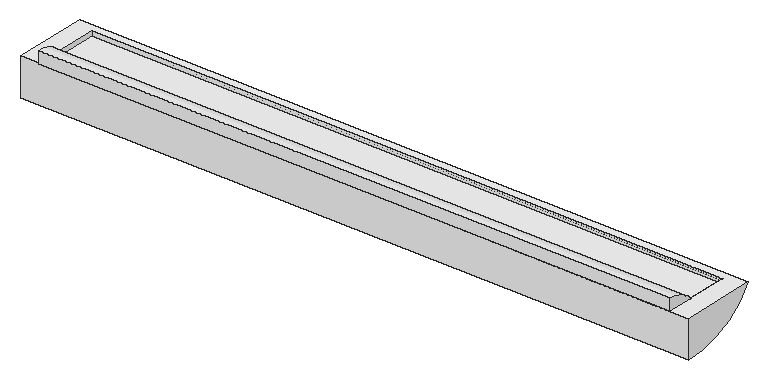
Revit family "Arcos_LED-W", category Lighting Fixtures, host Wall, Revit 2014
Parameters (values of type "Arcos-W-03")
  zz Length 1 = 36"
  Watts = 4 W
  Wattage = 4 W
  Warranty = "5 years Warranty"  # constant formula
  built-in parameter 1150110 = 1 (stored number, unit not read)
  Voltage [instance] = 120 V
  URL = "https://www.hubbell.com/litecontrol/en/"
  Type Comments = "Lighting Fixtures"  # constant formula
  built-in parameter 1114217 = 1 (stored number, unit not read)
  Tilt Angle = -90.00°
  built-in parameter 1150109 = 1 (stored number, unit not read)
  built-in parameter 1150134 = 3
  built-in parameter 1150113 = 1 (stored number, unit not read)
  Reflector Finish = Glass - Hubbell - White
  Product Page URL = "https://www.hubbell.com/litecontrol/en/Products/Lighting-Controls/Commercial-Indoor-Lighting/Wall-Mount/Arcos-Wall-LED/p/277627"
  Product Material = Paint - Hubbell - Matte White
  Product Documentation Link = "https://hubbellcdn.com/specsheet/54l_w.pdf"
  Power Factor = 1
  Photometric Web File = "generic"
  built-in parameter 1150142 = (empty or 0)
  Mounting = "Wall-Mounted"
  Model = "Arcos LED Wall\r"  # constant formula
  Manufacturer = "LiteControl"  # constant formula
  built-in parameter 1150105 = 24.414 (stored number, unit not read)
  Lumens = 306.8 lm
  built-in parameter 1150115 = 1 (stored number, unit not read)
  Load Classification = Lighting
  built-in parameter 1150137 = (empty or 0)
  built-in parameter 1150139 = (empty or 0)
  built-in parameter 1150112 = 1 (stored number, unit not read)
  built-in parameter 1150114 = 1 (stored number, unit not read)
  Lamp = "LED"
  built-in parameter 1150132 = (empty or 0)
  built-in parameter 1150102 = (empty or 0)
  built-in parameter 1150107 = 3200 (stored number, unit not read)
  built-in parameter 1150138 = (empty or 0)
  built-in parameter 1150106 = 0.24414 (stored number, unit not read)
  Fixture distribution = "Asymmetric Indirect"
  Emit from Rectangle Width = 2"  # constant formula
  Emit from Rectangle Length = zz Length 1 - 2"  # 34"
  Emit Shape Visible in Rendering = no
  built-in parameter 1150104 = 7.1257 (stored number, unit not read)
  Dimming Lamp Color Temperature Shift = <None>
  Description = "Wall Arcos 54L is an ADA-compliant extruded aluminum LED luminaire in the popular Arcos curved shape"  # constant formula
  Create Date = "05/17/2018"  # constant formula
  Copyright = "Copyright © 2018 Litecontrol"  # constant formula
  Contact Us = "https://www.hubbell.com/litecontrol/en/contactUs?productId=277627"
  Color Filter = 16777215
  built-in parameter 1114218 = 1 (stored number, unit not read)
  built-in parameter 1150133 = 10 (stored number, unit not read)
  Assembly Code = "D5020200"
  Apparent Load = Watts / Power Factor  # 4 VA
Types (5): name | zz Length 1 | Emit from Rectangle Length
  Arcos-W-06 | 72" | 70"
  Arcos-W-02 | 24" | 22"
  Arcos-W-03 | 36" | 34"
  Arcos-W-04 | 48" | 46"
  Arcos-W-08 | 96" | 94"
Reference planes (in)
  plane 1: y = 0
  plane 2 "Light Source Axis (L/R)": x = 4.92126
  plane 3 "Light Source Axis (F/R)": y = 5.45276
  plane 4 "Light Source Elevation": z = 71.68457
  plane 5 "Top Elevation": z = 72.43457
  plane 6: x = 22.92126
  plane 7: x = -13.07874
  plane 8: z = 69.80957
  plane 9: y = 6.95276
  plane 10: y = 2.95276
  plane 11: z = 71.80957
  plane 12: x = 21.92126
  plane 13: x = -12.07874
  plane 14: z = 71.5752
  plane 15: y = 4.25276
  plane 16: y = 6.50276
  plane 17: z = 71.70957
Forms (in)
  Extrusion 1, solid, material "Paint - Hubbell - Matte White" <- "Product Material"
    sketch origin (4.92126, 0, 0) x (0, 1, 0) y (0, 0, 1)
      loop
        line (2.95276, 71.80957) -> (2.95276, 69.80957)
        arc (2.95276, 69.80957) -> (5.21352, 70.28804) -> (6.95276, 71.80957) r 4.57901
        line (6.95276, 71.80957) -> (2.95276, 71.80957)
    from -18 to 18
  Extrusion 2, solid, material "Paint - Hubbell - Matte White" <- "Product Material"
    sketch origin (4.92126, 0, 0) x (0, 1, 0) y (0, 0, 1)
      loop
        line (2.95276, 71.80957) -> (4.31827, 71.80957)
        arc (4.31827, 71.80957) -> (3.71006, 72.28496) -> (2.95276, 72.43457) r 1.66329
        line (2.95276, 72.43457) -> (2.95276, 71.80957)
    from -17 to 17
  Extrusion 3, void
    sketch origin (4.92126, 0, 0) x (0, 1, 0) y (0, 0, 1)
      loop
        line (4.25276, 71.5752) -> (6.50276, 71.5752) -> (6.50276, 71.80957) -> (4.25276, 71.80957) -> (4.25276, 71.5752)
    from -17 to 17
  Extrusion 4, solid, material "Glass - Hubbell - White" <- "Reflector Finish"
    sketch origin (4.92126, 0, 0) x (0, 1, 0) y (0, 0, 1)
      loop
        line (4.25276, 71.80957) -> (4.25276, 71.70957) -> (6.50276, 71.70957) -> (6.50276, 71.80957) -> (4.25276, 71.80957)
    from -17 to 17
Cuts and joins
  Extrusion 3 cuts Extrusion 1
  Extrusion 3 cuts Extrusion 2
Text (in)
  text "Placement side" at (-70.3598, 43.96769, 0), in view "Ref. Level"
  text "Placement side" at (0, 83.08644, 117.56134), in view "Left"
  text "Placement side" at (0, 24.74324, 118.58137), in view "Right"
Dimensions and locks (in)
  equal spacing: plane 7, plane 2 "Light Source Axis (L/R)", plane 6
  "zz Length 1": plane 7 to plane 6
  locked: plane 8 to plane 5 "Top Elevation" at 2.625
  plane 10 to plane 9 = 4"
  locked: plane 4 "Light Source Elevation" to plane 5 "Top Elevation" at 0.75
  locked: plane 11 to plane 8 at 2
  locked: plane 12 to plane 6 at 1
  locked: plane 7 to plane 13 at 1
  Extrusion 2 to plane 4 "Light Source Elevation" = 1/8"
  locked: plane 16 to plane 9 at 0.45
  plane 15 to plane 16 = 2 1/4"
  locked: plane 11 to plane 17 at 0.1
  locked: plane 11 to plane 14 at 0.23437
  locked: plane 3 "Light Source Axis (F/R)" to plane 9 at 1.5
  radius of Extrusion 2 sketch curve = 1.66329"
  aligned and locked: plane 1 to host wall
  aligned and locked: plane 10 to host wall
  aligned and locked: Extrusion 1 sketch curve to plane 11
  aligned and locked: Extrusion 1 sketch curve to plane 10
  aligned and locked: Extrusion 1 to plane 6
  aligned and locked: plane 7 to Extrusion 1
  aligned and locked: plane 10 to Extrusion 2 sketch curve
  aligned and locked: Extrusion 2 sketch curve to plane 11
  aligned and locked: Extrusion 2 to plane 12
  aligned and locked: plane 14 to Extrusion 3 sketch curve
  aligned and locked: plane 15 to Extrusion 3 sketch curve
  aligned and locked: plane 16 to Extrusion 3 sketch curve
  aligned and locked: plane 11 to Extrusion 3
  aligned and locked: Extrusion 3 to plane 12
  aligned and locked: Extrusion 3 to plane 13
  aligned and locked: Extrusion 4 sketch curve to cut or joined group of Extrusion 1, Extrusion 3  (x3)
  aligned and locked: plane 17 to Extrusion 4 sketch curve
  aligned and locked: Extrusion 4 to plane 12
  aligned and locked: Extrusion 4 to plane 13
  aligned and locked: cut or joined group of Extrusion 2, Extrusion 3 to plane 13
  aligned and locked: plane 4 "Light Source Elevation" to imposter light
  aligned and locked: imposter light to plane 3 "Light Source Axis (F/R)"
Automatic sketch dimensions
  Extrusion 1 sketch curve to plane 9 = 0"
  Extrusion 1 sketch curve to plane 8 = 0"
  host wall to Extrusion 1 sketch curve = 0.21298"
  Extrusion 2 sketch curve to plane 5 "Top Elevation" = 0"
  host wall to Extrusion 2 sketch curve = 0.06508"
  plane 11 to Extrusion 3 sketch curve = 0"
Connectors (in)
  electrical at (4.92126, 2.95276, 70.80957), driven by "Load Classification", driven by "Voltage", driven by "Apparent Load", driven by "Power Factor"
    settings: on cut or joined group of Extrusion 1, Extrusion 3, index 1, voltage 120 V, apparent load 4 VA, apparent load phase1 0 VA, apparent load phase2 0 VA, apparent load phase3 0 VA, power factor 1, load classification "Lighting", number of poles 1, system type 30, power factor state 1, is connector primary yes, connector utility no, sub classification motor no, connector description "Electrical Connector"
